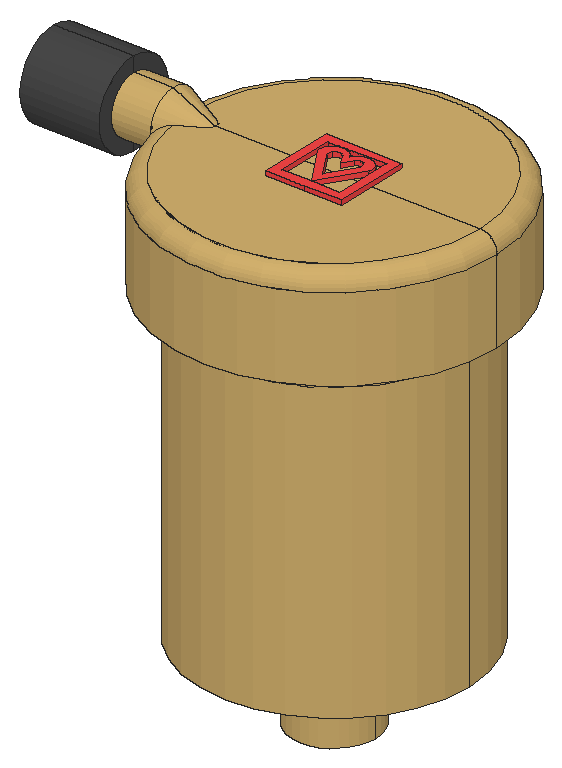
Revit family "Be- u. Entlüfter 2630 02", category Rohrzubehör, Revit 2020
Family settings
  Bemaßung runder Anschluss = Durchmesser verwenden
  Teiletyp = Normal
  OmniClass-Nummer = 23.65.55.14
  OmniClass-Titel = Valves for Liquid Services
  Arbeitsebenenbasiert = Nein
  Immer vertikal = Ja
  Beim Laden mit Abzugskörper schneiden = Nein
  Gemeinsam genutzt = Nein
Parameters
  Vorgabe-Ansicht = 0.000 mm
  URL = "www.herz-armaturen.at"
  Schwimmer = "Polypropylen"  # constant formula
  SCRNSEQ = "AWI;AWI_TYP=\"1013\";1"
  SCRNCODE = "05;14;01"  # constant formula
  S02 = 11.000 mm  # constant formula
  S01 = 24.500 mm  # constant formula
  R01 = 2.000 mm  # constant formula
  Nennweite AG [instance] = 10.000 mm  # constant formula
  Min.Betriebstemperatur = 0 °C  # constant formula
  Medium = "Heizungswasser nach ÖNORM H5195 oder VDI- Richtlinie 2035. Die Verwendung von Ethylen- oder Propyleneglykol in einem Mischungsverhältnis von 25 - 50% ist zulässig. EPDM-Dichtungen können durch Mineralöle und Schmiermittel beeinflusst werden, was zum Versagen der EPDM-Dichtungen führen kann. Bitte beachten Sie die Dokumentation des Herstellers, wenn Ethylenglykol-Produkte für den Frost- und Korrosionsschutz verwendet werden."
  Max.Strukturdruck = 1200000.0 Pa  # constant formula
  Max.Betriebstemperatur = 110 °C  # constant formula
  Max.Betriebsdruck = 800000.0 Pa  # constant formula
  L04 = L00 - L01  # 24.000 mm
  L03 = 13.500 mm  # constant formula
  L02 = 4.800 mm  # constant formula
  L01 = 9.500 mm  # constant formula
  L00 = 33.500 mm  # constant formula
  Hersteller = "Herz-Armaturen GmbH"  # constant formula
  H05 = H00 - 1.000 mm  # 58.000 mm
  H04 = H03 - D03  # 57.900 mm
  H03 = 63.000 mm  # constant formula
  H02 = 9.500 mm  # constant formula
  H01 = 12.000 mm  # constant formula
  H00 = 59.000 mm  # constant formula
  Gehäuse = "geschmiedetes Messing nach EN 12165, CW617N"  # constant formula
  G1 [instance] = Nennweite AG / 2  # 5.000 mm
  Dichtungen = "NBR"  # constant formula
  Deckel = "geschmiedetes Messing nach EN 12165, CW617N"  # constant formula
  D05 = 0.800 mm  # constant formula
  D04 = 3.400 mm  # constant formula
  D03 = 5.100 mm  # constant formula
  D02 = 19.500 mm  # constant formula
  D01 = 16.200 mm  # constant formula
  Bestellnummer [instance] = if(Nennweite AG = 10.000 mm, 1263002, 0)  # 1263002
  Aussengewindeanschluss = "nach ISO 228"  # constant formula
  Anwendungsgebiet = "Der automatische Schnellentlüfter wird in Heizungs- und Kühlungssysteme zur Entlüftung der Anlage verwendet. Das Ventil sollte in der Nähe des Boilers oder am höchsten Punkt der Anlage installiert werden, um eine garantierte Entlüftung der Anlage an die Umgebung zu gewährleisten."
  Abdeckkappe = "Polypropylen, Schwarz"  # constant formula
Reference planes
  plane 1 "Mitte (Vorne/hinten)": y = 0
  plane 2: z = 0
  plane 3 "Mitte (Links/rechts)": x = 0
Forms (mm)
  Revolve 1, solid, material "Messing", detail levels fine
    sketch origin (0, 0, 0) x (1, 0, 0) y (0, 0, 1)
      loop
        line (0, 0) -> (0, 59) -> (-17.5, 59)
        arc (-17.5, 59) -> (-18.914, 58.414) -> (-19.5, 57) r 2
        line (-19.5, 57) -> (-19.5, 47) -> (-18.2, 47)
        arc (-18.2, 47) -> (-16.786, 46.414) -> (-16.2, 45) r 2
        line (-16.2, 45) -> (-16.2, 9.5) -> (-5, 9.5) -> (-5, 0) -> (0, 0)
      axis (0, 59) -> (0, 0)
    angle from 0 to 360
  Revolve 2, solid, material "Kunststoff - schwarz", detail levels fine
    sketch origin (0, 0, 0) x (1, 0, 0) y (0, 0, 1)
      loop
        line (-33.5, 57.9) -> (-24, 57.9) -> (-24, 63) -> (-33.5, 63) -> (-33.5, 57.9)
      axis (-33.5, 57.9) -> (-24, 57.9)
    angle from 0 to 360
  Revolve 3, solid, material "Messing", detail levels fine
    sketch origin (0, 0, 0) x (1, 0, 0) y (0, 0, 1)
      loop
        line (-24, 57.9) -> (0, 57.9) -> (0, 58.7) -> (-13.5, 58.7) -> (-19.2, 61.3) -> (-24, 61.3) -> (-24, 57.9)
      axis (-24, 57.9) -> (0, 57.9)
    angle from 0 to 360
Lines and regions (mm)
  model lines, detail levels coarse+medium
    curve 1: line (0, 0, 59) -> (-11.455, 0, 47.545)
    curve 2: line (0, 0, 59) -> (11.455, 0, 47.545)
    curve 3: circle (0, 0, 34.5) r 11 normal (0, -1, 0)
    curve 4: line (0, 0, 10) -> (-11.455, 0, 21.455)
    curve 5: line (0, 0, 10) -> (11.455, 0, 21.455)
    curve 6: line (0, 0, 59) -> (0, 0, 45.5)
    curve 7: line (0, 0, 23.5) -> (0, 0, 0)
    curve 8: line (0, 0, 59) -> (0, -11.455, 47.545)
    curve 9: line (0, 0, 59) -> (0, 11.455, 47.545)
    curve 10: circle (0, 0, 34.5) r 11 normal (1, 0, 0)
    curve 11: line (0, 0, 10) -> (0, -11.455, 21.455)
    curve 12: line (0, 0, 10) -> (0, 11.455, 21.455)
    curve 13: line (0, 59, 0) -> (11.455, 47.545, 0)
    curve 14: line (0, 59, 0) -> (-11.455, 47.545, 0)
    curve 15: circle (0, 34.5, 0) r 11 normal (0, 0, 1)
    curve 16: line (0, 59, 0) -> (0, 45.5, 0)
    curve 17: line (0, 23.5, 0) -> (0, 0, 0)
    curve 18: line (0, 10, 0) -> (11.455, 21.455, 0)
    curve 19: line (0, 10, 0) -> (-11.455, 21.455, 0)
Dimensions and locks
  "G1": Revolve 1 sketch curve to Revolve 1 sketch curve
  "H00": Revolve 1 sketch curve to Revolve 1 sketch curve
  "D01": Revolve 1 sketch curve to Revolve 1 sketch curve
  "D02": Revolve 1 sketch curve to Revolve 1 sketch curve
  "H02": Revolve 1 sketch curve to Revolve 1 sketch curve
  "H01": Revolve 1 sketch curve to Revolve 1 sketch curve
  "D03": Revolve 2 sketch curve to Revolve 2 sketch curve
  "L01": Revolve 2 sketch curve to Revolve 2 sketch curve
  "L00": Revolve 2 sketch curve to plane 3 "Mitte (Links/rechts)"
  "D04": Revolve 3 sketch curve to Revolve 3 sketch curve
  "L02": Revolve 3 sketch curve to Revolve 3 sketch curve
  "L03": Revolve 3 sketch curve to plane 3 "Mitte (Links/rechts)"
  "L04": Revolve 3 sketch curve to plane 3 "Mitte (Links/rechts)"
  "D05": Revolve 3 sketch curve to Revolve 3 sketch curve
  "H03": Revolve 2 sketch curve to plane 2
  "H04": Revolve 3 sketch curve to plane 2
  "H05": nested 1 to plane 2
  "D01": curve 2 to curve 2
  "D01": curve 1 to curve 2
  "S01": curve 5 to curve 3 to curve 2
  "H00": curve 6 to plane 2
  "D01": curve 4 to curve 5
  "D01": curve 5 to curve 5
  "S01": curve 9 to curve 10
  "H00": curve 9 to plane 2
  "S01": curve 12 to curve 10
  "D01": curve 8 to curve 8
  "D01": curve 9 to curve 9
  "D01": curve 11 to curve 11
  "D01": curve 12 to curve 12
  "H00": curve 16 to curve 17
  "D01": curve 14 to curve 14
  "D01": curve 13 to curve 13
  "D01": curve 19 to curve 19
  "D01": curve 18 to curve 18
  "S01": curve 16 to curve 15 to curve 19
  "R01": radius of Revolve 1 sketch curve  (x2)
  "S02": radius of curve 3
  "S02": radius of curve 10
  "S02": radius of curve 15
  angle curve 1 to curve 6 = 45.00°
  angle curve 6 to curve 2 = 45.00°
  angle curve 5 to curve 7 = 45.00°
  angle curve 7 to curve 4 = 45.00°
  angle plane 1 "Mitte (Vorne/hinten)" to curve 9 = 45.00°
  angle curve 8 to plane 1 "Mitte (Vorne/hinten)" = 45.00°
  angle plane 1 "Mitte (Vorne/hinten)" to curve 11 = 45.00°
  angle curve 12 to plane 1 "Mitte (Vorne/hinten)" = 45.00°
  angle curve 16 to curve 13 = 45.00°
  angle curve 14 to curve 16 = 45.00°
  angle curve 16 to curve 19 = 45.00°
  angle curve 18 to curve 17 = 45.00°
  aligned and locked: level to plane 2
Automatic sketch dimensions
  curve 12 to plane 1 "Mitte (Vorne/hinten)" = 0.000 mm
  curve 10 to plane 1 "Mitte (Vorne/hinten)" = 0.000 mm
  curve 9 to plane 1 "Mitte (Vorne/hinten)" = 0.000 mm
  curve 2 to plane 3 "Mitte (Links/rechts)" = 0.000 mm
  curve 7 to plane 3 "Mitte (Links/rechts)" = 0.000 mm
  curve 3 to plane 3 "Mitte (Links/rechts)" = 0.000 mm
  curve 4 to plane 3 "Mitte (Links/rechts)" = 0.000 mm
  curve 14 to plane 3 "Mitte (Links/rechts)" = 0.000 mm
  curve 19 to plane 3 "Mitte (Links/rechts)" = 0.000 mm
  curve 15 to plane 3 "Mitte (Links/rechts)" = 0.000 mm
  curve 17 to plane 3 "Mitte (Links/rechts)" = 0.000 mm
  plane 1 "Mitte (Vorne/hinten)" to curve 17 = 0.000 mm
  Revolve 1 sketch curve to level = 0.000 mm
  Revolve 1 sketch curve to plane 3 "Mitte (Links/rechts)" = 0.000 mm  (x2)
  Revolve 1 sketch curve to level = 2000.000 mm
  Revolve 1 sketch curve to Revolve 1 sketch curve = 1937.000 mm
  Revolve 2 sketch curve to Revolve 2 sketch curve = 0.000 mm  (x3)
  Revolve 3 sketch curve to plane 3 "Mitte (Links/rechts)" = 0.000 mm
  Revolve 3 sketch curve to Revolve 3 sketch curve = 0.212 mm
  Revolve 3 sketch curve to plane 3 "Mitte (Links/rechts)" = 0.539 mm
  Revolve 3 sketch curve to Revolve 3 sketch curve = 0.000 mm
Nested families
  nested 1: "Herz-Logo" at (0, 0, 58), type "Herz-Logo", detail levels fine
Connectors
  piping at (0, 0, 0), diameter 10, driven by "Nennweite AG"
    settings: on Revolve 1, index 1, connector inside diameter 609.6 mm, connector length 0.000 mm, flow factor 0, pipe flow 0.0 L/s, pressure drop 0.0 Pa, fitting loss kfactor 0, connector angle 0.00°, fixture units 0, engagement length 0.000 mm, angle of deflection 0.00°, flow configuration 0, flow direction 1, fitting loss method 0, system type 29, joint type 0, gender type 0, connector reference index -1, connector utility 0, adjustable connector no, is connector primary yes, connector description ""
Definition of nested family "Herz-Logo"
  Parameters (values of type "Herz-Logo")
    Default Elevation = 0.000 mm
  Reference planes
    plane 1 "Mitte (Vorne/hinten)": y = 0
    plane 2: z = 0
    plane 3 "Mitte (Links/rechts)": x = 0
  Forms (mm)
    Extrusion 1, solid
      sketch origin (0, 0, 0) x (1, 0, 0) y (0, 1, 0)
        loop
          line (-0.018, -4.517) -> (4.482, -4.517) -> (4.482, 4.483) -> (-4.518, 4.483) -> (-4.518, -4.517) -> (-0.018, -4.517)
        loop
          line (-0.05, -3.48) -> (3.482, -3.48) -> (3.482, 3.483) -> (-3.518, 3.483) -> (-3.518, -3.48) -> (-0.05, -3.48)
        loop
          arc (-0.018, 2.383) -> (-1.543, 3.287) -> (-3.067, 2.383) r 1.738
          arc (-3.067, 2.383) -> (-3.191, 1.899) -> (-3.067, 1.415) r 1.009
          line (-3.067, 1.415) -> (-0.018, -3.281) -> (3.032, 1.415)
          arc (3.032, 1.415) -> (3.156, 1.899) -> (3.032, 2.383) r 1.009
          arc (3.032, 2.383) -> (1.507, 3.287) -> (-0.018, 2.383) r 1.738
        loop
          arc (1.885, 1.272) -> (2.005, 1.675) -> (1.885, 2.079) r 0.74
          arc (1.885, 2.079) -> (1.265, 2.416) -> (0.644, 2.079) r 0.74
          line (0.644, 2.079) -> (-0.018, 0.97) -> (-0.679, 2.079)
          arc (-0.679, 2.079) -> (-1.3, 2.416) -> (-1.921, 2.079) r 0.74
          arc (-1.921, 2.079) -> (-2.04, 1.675) -> (-1.921, 1.272) r 0.74
          line (-1.921, 1.272) -> (-0.018, -1.658) -> (1.885, 1.272)
      from 0 to 1.5
  Dimensions and locks
    aligned and locked: level to plane 2
